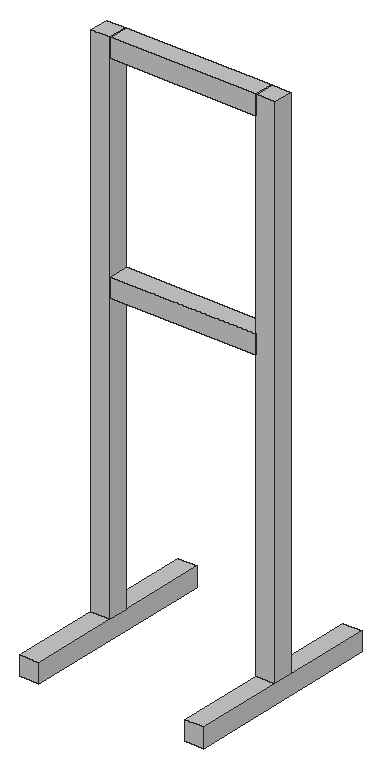
Revit family "Water_Heater-Racks-02", category Specialty Equipment, host Face, Revit 2016
Family settings
  Host = Face
  Part Type = Normal
  Round Connector Dimension = Use Diameter
  OmniClass Number = 23.40.20.27.17
  OmniClass Title = Racking
  Cut with Voids When Loaded = No
  Shared = No
  Room Calculation Point = No
Parameters (values of type "Rack Base Component")
  o/c Between Racks = 20.00"  # constant formula
  Width = 22.30"  # constant formula
  Warranty = "https://www.navieninc.com/warranties"
  Version = "2016 - v1.0.a"  # constant formula
  URL = "https://www.navieninc.com"
  Product Page URL = "https://www.navieninc.com/accessories/all"
  Product Name = "Ready-Link® Rack"  # constant formula
  Product Documentation Link = "https://www.navieninc.com/downloads/spec-sheet-ready-link-rack-en"
  Part Number [instance] = if(Number of Frames = 1, "GFFM-KDIZUS-001", if(Number of Frames = 2, "GFFM-KDIZUS-001 + GFFM-KDIZUS-002", if(Number of Frames = 3, "GFFM-KDIZUS-001 + GFFM-KDIZUS-002 * 2", if(Number of Frames = 4, "GFFM-KDIZUS-001 + GFFM-KDIZUS-002 * 3", if(Number of Frames = 5, "GFFM-KDIZUS-001 + GFFM-KDIZUS-002 * 4", if(Number of Frames = 6, "GFFM-KDIZUS-001 + GFFM-KDIZUS-002 * 5", if(Number of Frames = 7, "GFFM-KDIZUS-001 + GFFM-KDIZUS-002 * 6", if(Number of Frames = 8, "GFFM-KDIZUS-001 + GFFM-KDIZUS-002 * 7", if(Number of Frames = 9, "GFFM-KDIZUS-001 + GFFM-KDIZUS-002 * 8", if(Number of Frames = 10, "GFFM-KDIZUS-001 + GFFM-KDIZUS-002 * 9", if(Number of Frames = 11, "GFFM-KDIZUS-001 + GFFM-KDIZUS-002 * 10", if(Number of Frames = 12, "GFFM-KDIZUS-001 + GFFM-KDIZUS-002 * 11", if(Number of Frames = 13, "GFFM-KDIZUS-001 + GFFM-KDIZUS-002 * 12", if(Number of Frames = 14, "GFFM-KDIZUS-001 + GFFM-KDIZUS-002 * 13", if(Number of Frames = 15, "GFFM-KDIZUS-001 + GFFM-KDIZUS-002 * 14", if(Number of Frames = 16, "GFFM-KDIZUS-001 + GFFM-KDIZUS-002 * 15", if(Number of Frames = 17, "GFFM-KDIZUS-001 + GFFM-KDIZUS-002 * 16", if(Number of Frames = 18, "GFFM-KDIZUS-001 + GFFM-KDIZUS-002 * 17", if(Number of Frames = 19, "GFFM-KDIZUS-001 + GFFM-KDIZUS-002 * 18", if(Number of Frames = 20, "GFFM-KDIZUS-001 + GFFM-KDIZUS-002 * 19", "GFFM-KDIZUS-001"))))))))))))))))))))  # "GFFM-KDIZUS-001"
  Number of Frames [instance] = 1
  Model = "GFFM-KDIZUS"  # constant formula
  Material = ""
  Manufacturer Phone Number = "(949) 420-0420"  # constant formula
  Manufacturer Fax Number = "(949) 420-0430"  # constant formula
  Manufacturer Address = "20 Goodyear, Irvine, CA 92618"  # constant formula
  Manufacturer = "Navien, Inc."  # constant formula
  Keynote = ""
  Height = 65.50"  # constant formula
  Finish = Metal - Navien - Carbon Steel - White
  Description = "Ready-Link ® Rack Base. The free standing rack system is designed for infield assembly and indoor installation only. Designed to work with NPE, NCB, NFB and NHB series units. Base rack allows installation for up to 2 units back to back."  # constant formula
  Depth = 23.80"  # constant formula
  Default Elevation = 48.00"
  Copyright = "All contents copyright © Navien Inc."  # constant formula
  C Single Frame [instance] = if(Number of Frames = 1, 1 = 1, 1 = 0)  # yes
  C NoF [instance] = if(Number of Frames < 2, 2, Number of Frames)  # 2
  C Multiple Frames [instance] = not(C Single Frame)  # no
  Assembly Code = ""
Reference planes (in)
  plane 1 "Center (Elevation)": y = 0
  plane 2: z = 0
  plane 3 "Center (Left/Right)": x = 0
  plane 4: z = 2.3
  plane 5: y = -11.9
  plane 6: y = 11.9
  plane 7: x = -10
  plane 8: x = 10
  plane 9: z = 65.5
  plane 10: z = 37.2
  plane 11: z = 39.5
  plane 12: z = 63.2
  plane 13: x = -8.85
  plane 14: x = 8.85
  plane 15: x = -11.15
  plane 16: x = 11.15
Forms (in)
  Extrusion 1, solid, material "Metal - Navien - Carbon Steel - White" <- "Finish"
    sketch origin (-6.89, 0, 6.75) x (1, 0, 0) y (0, 0, 1)
      loop
        line (-4.26, -6.75) -> (-1.96, -6.75) -> (-1.96, -4.45) -> (-4.26, -4.45) -> (-4.26, -6.75)
    from -11.9 to 11.9
  Extrusion 2, solid, material "Metal - Navien - Carbon Steel - White" <- "Finish"
    sketch origin (-6.695, 19.32383, 9.09833) x (0, 1, 0) y (-1, 0, 0)
      loop
        line (-18.17383, 2.155) -> (-18.17383, 4.455) -> (-20.47383, 4.455) -> (-20.47383, 2.155) -> (-18.17383, 2.155)
    from -6.79833 to 56.40167
  Extrusion 3, solid, material "Metal - Navien - Carbon Steel - White" <- "Finish", visible <- "C Single Frame"
    sketch origin (-6.6625, 19.32383, 28.15098) x (0, 1, 0) y (0, 0, 1)
      loop
        line (-18.17383, 11.34902) -> (-20.47383, 11.34902) -> (-20.47383, 9.04902) -> (-18.17383, 9.04902) -> (-18.17383, 11.34902)
    from -2.1875 to 15.5125
  Extrusion 4, solid, material "Metal - Navien - Carbon Steel - White" <- "Finish", visible <- "C Single Frame"
    sketch origin (-6.6625, 19.32383, 54.445) x (0, 1, 0) y (0, 0, 1)
      loop
        line (-18.17383, 11.055) -> (-20.47383, 11.055) -> (-20.47383, 8.755) -> (-18.17383, 8.755) -> (-18.17383, 11.055)
    from -2.1875 to 15.5125
  Extrusion 5, solid, material "Metal - Navien - Carbon Steel - White" <- "Finish", visible <- "C Single Frame"
    sketch origin (6.89, 0, 6.75) x (-1, 0, 0) y (0, 0, -1)
      loop
        line (-4.26, 6.75) -> (-4.26, 4.45) -> (-1.96, 4.45) -> (-1.96, 6.75) -> (-4.26, 6.75)
    from -11.9 to 11.9
  Extrusion 6, solid, material "Metal - Navien - Carbon Steel - White" <- "Finish", visible <- "C Single Frame"
    sketch origin (6.695, 19.32383, 9.09833) x (0, 1, 0) y (-1, 0, 0)
      loop
        line (-18.17383, -2.155) -> (-20.47383, -2.155) -> (-20.47383, -4.455) -> (-18.17383, -4.455) -> (-18.17383, -2.155)
    from -6.79833 to 56.40167
  Extrusion 7, solid, material "Metal - Navien - Carbon Steel - White" <- "Finish", visible <- "C Multiple Frames"
    sketch origin (-6.6625, 19.32383, 28.15098) x (0, 1, 0) y (0, 0, 1)
      loop
        line (-20.47383, 11.34902) -> (-20.47383, 9.04902) -> (-18.17383, 9.04902) -> (-18.17383, 11.34902) -> (-20.47383, 11.34902)
    from -2.1875 to 15.5125
  Extrusion 8, solid, material "Metal - Navien - Carbon Steel - White" <- "Finish", visible <- "C Multiple Frames"
    sketch origin (-6.6625, 19.32383, 54.445) x (0, 1, 0) y (0, 0, 1)
      loop
        line (-20.47383, 11.055) -> (-20.47383, 8.755) -> (-18.17383, 8.755) -> (-18.17383, 11.055) -> (-20.47383, 11.055)
    from -2.1875 to 15.5125
  Extrusion 9, solid, material "Metal - Navien - Carbon Steel - White" <- "Finish", visible <- "C Multiple Frames"
    sketch origin (6.89, 0, 6.75) x (-1, 0, 0) y (0, 0, -1)
      loop
        line (-4.26, 6.75) -> (-4.26, 4.45) -> (-1.96, 4.45) -> (-1.96, 6.75) -> (-4.26, 6.75)
    from -11.9 to 11.9
  Extrusion 10, solid, material "Metal - Navien - Carbon Steel - White" <- "Finish", visible <- "C Multiple Frames"
    sketch origin (6.695, 19.32383, 9.09833) x (0, 1, 0) y (-1, 0, 0)
      loop
        line (-18.17383, -2.155) -> (-20.47383, -2.155) -> (-20.47383, -4.455) -> (-18.17383, -4.455) -> (-18.17383, -2.155)
    from -6.79833 to 56.40167
  Extrusion 11, solid, material "Metal - Navien - Carbon Steel - White" <- "Finish", visible <- "C Multiple Frames", not visible
    sketch origin (-6.6625, 19.32383, 28.15098) x (0, 1, 0) y (0, 0, 1)
      loop
        line (-20.47383, 11.34902) -> (-20.47383, 9.04902) -> (-18.17383, 9.04902) -> (-18.17383, 11.34902) -> (-20.47383, 11.34902)
    from -2.1875 to 15.5125
  Extrusion 12, solid, material "Metal - Navien - Carbon Steel - White" <- "Finish", visible <- "C Multiple Frames", not visible
    sketch origin (-6.6625, 19.32383, 54.445) x (0, 1, 0) y (0, 0, 1)
      loop
        line (-20.47383, 11.055) -> (-20.47383, 8.755) -> (-18.17383, 8.755) -> (-18.17383, 11.055) -> (-20.47383, 11.055)
    from -2.1875 to 15.5125
  Extrusion 13, solid, material "Metal - Navien - Carbon Steel - White" <- "Finish", visible <- "C Multiple Frames", not visible
    sketch origin (6.89, 0, 6.75) x (-1, 0, 0) y (0, 0, -1)
      loop
        line (-4.26, 6.75) -> (-4.26, 4.45) -> (-1.96, 4.45) -> (-1.96, 6.75) -> (-4.26, 6.75)
    from -11.9 to 11.9
  Extrusion 14, solid, material "Metal - Navien - Carbon Steel - White" <- "Finish", visible <- "C Multiple Frames", not visible
    sketch origin (6.695, 19.32383, 9.09833) x (0, 1, 0) y (-1, 0, 0)
      loop
        line (-18.17383, -2.155) -> (-20.47383, -2.155) -> (-20.47383, -4.455) -> (-18.17383, -4.455) -> (-18.17383, -2.155)
    from -6.79833 to 56.40167
  Extrusion 15, solid, material "Metal - Navien - Carbon Steel - White" <- "Finish", visible <- "C Multiple Frames"
    sketch origin (13.3375, 19.32383, 28.15098) x (0, 1, 0) y (0, 0, 1)
      loop
        line (-20.47383, 11.34902) -> (-20.47383, 9.04902) -> (-18.17383, 9.04902) -> (-18.17383, 11.34902) -> (-20.47383, 11.34902)
    from -2.1875 to 15.5125
  Extrusion 16, solid, material "Metal - Navien - Carbon Steel - White" <- "Finish", visible <- "C Multiple Frames"
    sketch origin (13.3375, 19.32383, 54.445) x (0, 1, 0) y (0, 0, 1)
      loop
        line (-20.47383, 11.055) -> (-20.47383, 8.755) -> (-18.17383, 8.755) -> (-18.17383, 11.055) -> (-20.47383, 11.055)
    from -2.1875 to 15.5125
  Extrusion 17, solid, material "Metal - Navien - Carbon Steel - White" <- "Finish", visible <- "C Multiple Frames"
    sketch origin (26.89, 0, 6.75) x (-1, 0, 0) y (0, 0, -1)
      loop
        line (-4.26, 6.75) -> (-4.26, 4.45) -> (-1.96, 4.45) -> (-1.96, 6.75) -> (-4.26, 6.75)
    from -11.9 to 11.9
  Extrusion 18, solid, material "Metal - Navien - Carbon Steel - White" <- "Finish", visible <- "C Multiple Frames"
    sketch origin (26.695, 19.32383, 9.09833) x (0, 1, 0) y (-1, 0, 0)
      loop
        line (-18.17383, -2.155) -> (-20.47383, -2.155) -> (-20.47383, -4.455) -> (-18.17383, -4.455) -> (-18.17383, -2.155)
    from -6.79833 to 56.40167
Dimensions and locks (in)
  "Depth": plane 5 to plane 6
  equal spacing: plane 5, plane 1 "Center (Elevation)", plane 6
  locked: host sketch curve to plane 3 "Center (Left/Right)" at 22  (x10)
  locked: host sketch curve to plane 3 "Center (Left/Right)" at 21.99749  (x10)
  locked: host sketch curve to plane 1 "Center (Elevation)" at 22  (x20)
  Extrusion 1 sketch curve to plane 3 "Center (Left/Right)" = 8.85"  (x5)
  Extrusion 1 sketch curve to plane 3 "Center (Left/Right)" = 11.15"  (x5)
  Extrusion 1 to plane 1 "Center (Elevation)" = 11.90"  (x2)
  Extrusion 1 to level = 0.00"
  Extrusion 1 sketch curve to level = 0.00"  (x5)
  Extrusion 2 to level = 65.50"
  Extrusion 2 to level = 2.30"
  locked: Extrusion 3 sketch curve to plane 3 "Center (Left/Right)" at 6.6625  (x24)
  Extrusion 3 sketch curve to plane 1 "Center (Elevation)" = 1.15"  (x10)
  Extrusion 3 sketch curve to level = 37.20"  (x5)
  Extrusion 3 sketch curve to level = 39.50"  (x5)
  Extrusion 3 to plane 1 "Center (Elevation)" = 1.15"  (x2)
  Extrusion 3 to level = 39.50"
  Extrusion 3 to level = 37.20"
  locked: Extrusion 4 sketch curve to plane 3 "Center (Left/Right)" at 6.6625  (x24)
  Extrusion 4 sketch curve to plane 1 "Center (Elevation)" = 1.15"  (x10)
  Extrusion 4 sketch curve to level = 63.20"  (x5)
  Extrusion 4 sketch curve to level = 65.50"  (x5)
  Extrusion 4 to plane 1 "Center (Elevation)" = 1.15"  (x2)
  Extrusion 4 to level = 65.50"
  Extrusion 4 to level = 63.20"
  equal spacing: plane 7, plane 3 "Center (Left/Right)", plane 8
  "o/c Between Racks": plane 7 to plane 8
  "Height": plane 9 to level
  locked: plane 11 to plane 10 at 2.3
  locked: plane 9 to plane 12 at 2.3
  locked: plane 12 to plane 11 at 23.7
  locked: plane 4 to level at 2.3
  plane 13 to plane 7 to plane 15 = 1.15" locked, 1.15" locked
  plane 16 to plane 8 to plane 14 = 1.15" locked, 1.15" locked
  Extrusion 3 sketch curve to plane 1 "Center (Elevation)" to Extrusion 3 sketch curve = 1.15" locked, 1.15" locked
  Extrusion 4 sketch curve to plane 1 "Center (Elevation)" to Extrusion 4 sketch curve = 1.15" locked, 1.15" locked
  Extrusion 7 sketch curve to Extrusion 7 sketch curve = 2.30"
  Extrusion 8 sketch curve to Extrusion 8 sketch curve = 2.30"
  Extrusion 11 sketch curve to Extrusion 11 sketch curve = 2.30"
  Extrusion 12 sketch curve to Extrusion 12 sketch curve = 2.30"
  Extrusion 15 sketch curve to Extrusion 15 sketch curve = 2.30"
  Extrusion 16 sketch curve to Extrusion 16 sketch curve = 2.30"
  group 1 to group 3 = 20.00"
  group 1 to group 3 = 0.00"  (x2)
  Extrusion 2 sketch curve to plane 1 "Center (Elevation)" to Extrusion 2 sketch curve = 1.15" locked, 1.15" locked
  Extrusion 6 sketch curve to plane 1 "Center (Elevation)" to Extrusion 6 sketch curve = 1.15" locked, 1.15" locked
  aligned and locked: plane 2 to host face
  aligned and locked: level to host face
  aligned and locked: Extrusion 2 to plane 9
  aligned and locked: Extrusion 1 to level
  aligned and locked: plane 4 to Extrusion 1
  aligned and locked: plane 10 to Extrusion 3  (x2)
  aligned and locked: Extrusion 3 to plane 11
  aligned and locked: plane 9 to Extrusion 2
  aligned and locked: Extrusion 4 to plane 9
  aligned and locked: plane 11 to Extrusion 3
  aligned and locked: plane 4 to Extrusion 1 sketch curve
  aligned and locked: Extrusion 1 sketch curve to level
  aligned and locked: Extrusion 5 sketch curve to plane 4
  aligned and locked: level to Extrusion 5 sketch curve
  aligned and locked: Extrusion 5 to plane 5
  aligned and locked: Extrusion 1 to plane 5
  aligned and locked: Extrusion 5 to plane 6
  aligned and locked: Extrusion 1 to plane 6
  aligned and locked: plane 12 to Extrusion 4
  aligned and locked: Extrusion 2 to plane 4
  aligned and locked: Extrusion 6 to plane 4
  aligned and locked: plane 11 to Extrusion 3 sketch curve
  aligned and locked: Extrusion 3 sketch curve to plane 10
  aligned and locked: plane 9 to Extrusion 4 sketch curve
  aligned and locked: Extrusion 4 sketch curve to plane 12
  aligned and locked: plane 15 to Extrusion 1 sketch curve
  aligned and locked: Extrusion 1 sketch curve to plane 13
  aligned and locked: Extrusion 2 sketch curve to plane 15
  aligned and locked: Extrusion 2 sketch curve to plane 13
  aligned and locked: Extrusion 5 sketch curve to plane 14
  aligned and locked: plane 16 to Extrusion 5 sketch curve
  aligned and locked: plane 14 to Extrusion 6 sketch curve
  aligned and locked: plane 16 to Extrusion 6 sketch curve
Automatic sketch dimensions
  Extrusion 7 sketch curve to Extrusion 7 sketch curve = 2.30"
  Extrusion 8 sketch curve to Extrusion 8 sketch curve = 2.30"
  Extrusion 9 sketch curve to Extrusion 9 sketch curve = 2.30"  (x2)
  Extrusion 10 sketch curve to Extrusion 10 sketch curve = 2.30"  (x2)
  Extrusion 11 sketch curve to Extrusion 11 sketch curve = 2.30"
  Extrusion 12 sketch curve to Extrusion 12 sketch curve = 2.30"
  Extrusion 13 sketch curve to Extrusion 13 sketch curve = 2.30"  (x2)
  Extrusion 14 sketch curve to Extrusion 14 sketch curve = 2.30"  (x2)
  Extrusion 15 sketch curve to Extrusion 15 sketch curve = 2.30"
  Extrusion 16 sketch curve to Extrusion 16 sketch curve = 2.30"
  Extrusion 17 sketch curve to Extrusion 17 sketch curve = 2.30"  (x2)
  Extrusion 18 sketch curve to Extrusion 18 sketch curve = 2.30"  (x2)
